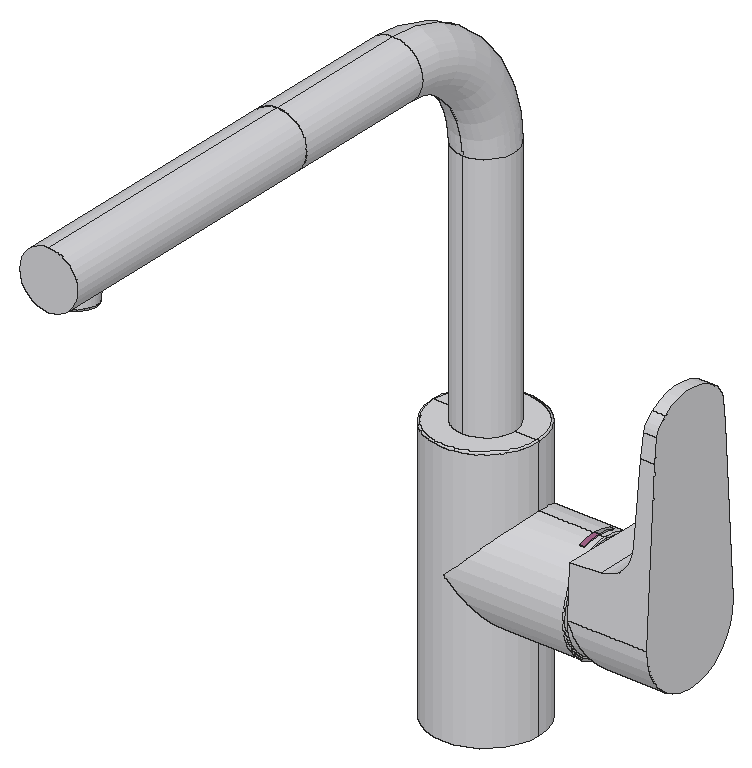
Revit family "Faucet-Kitchen-KOHLER-Aleo-K-99175T_1", category Plumbing Fixtures, host Face, Revit 2021
Family settings
  Host = Face
  Round Connector Dimension = Use Diameter
  Part Type = Normal
  OmniClass Number = 23.31.11.00
  OmniClass Title = Faucets
  Cut with Voids When Loaded = No
  Shared = No
  Room Calculation Point = No
Parameters (values of type "2.2 GPM, CP-Polished Chrome")
  Width = 1 13/16"  # constant formula
  WaterSense Certified = 1 = 0  # no
  Waste Water Outlet = "Waste Water Outlet"  # constant formula
  Waste Connection = 1 = 0  # no
  Vent Connection = 1 = 0  # no
  URL = "http://www.kohler.com.cn/"
  Type = 1
  Spout Reach = 8 179/256"  # constant formula
  Product Page URL = "https://www.kohler.com.cn/product/K-99175T-4-CP/K-99175T-4-CP/"
  Product Name = "Aleo"  # constant formula
  Product Documentation Link = "https://files.kohler.com.cn/pdfs/1474614101871_99175t.pdf"
  Pressure = 60.00 psi  # constant formula
  Model = if(Type = 1, "K-99175T-4-CP", if(Type = 2, "K-99175T-4-VS", if(Type = 3, "K-99175T-4E-2MB", if(Type = 4, "K-99175T-4E-BL", if(Type = 5, "K-99175T-4E-CP", if(Type = 6, "K-99175T-4E-VS", "NA"))))))  # "K-99175T-4-CP"
  Material = "Premium Metal Construction"  # constant formula
  Master Format 2014 Name = "Residential Faucets, Supplies, and Trim"  # constant formula
  Master Format 2014 = "22 41 39"  # constant formula
  Manufacturer Address = "Kohler Beijing Office (100016) 36-2-03-B, No. 88, Liuxiang Road, Beijing"  # constant formula
  Manufacturer = "Kohler Co."  # constant formula
  Length = Spout Reach  # 8 179/256"
  Hot Water Inlet = "Hot Water Inlet"  # constant formula
  Height = 11 41/256"  # constant formula
  Handle Clearance = 3 159/256"  # constant formula
  HW Connection = 1 = 1  # yes
  Flow Rate = if(or(Type = 1, Type = 2), 2.2 GPM, 1.75 GPM)  # 2.2 GPM
  Finish = Kohler-Metal-CP-Polished_Chrome
  Environmental Product Declaration = ""
  Drain Included = 1 = 0  # no
  Description = "Pull-Out Kitchen Faucet"  # constant formula
  Default Elevation = 36"
  Declare Label = ""
  Date Modified = "01/10/2023"  # constant formula
  Date Created = "09/28/2020"  # constant formula
  Copyright = "Copyright Kohler Co."  # constant formula
  Contact Us = "http://www.kohler.com.cn/contact/contact-us/"
  Cold Water Inlet = "Cold Water Inlet"  # constant formula
  CW Connection = 1 = 1  # yes
  Assembly Code = "D2010"
  ADA Compliant = 1 = 0  # no
Types (7): name | Type | Product Page URL | Product Documentation Link | Model | Flow Rate | Finish
  (no name) | 1 | "https://www.kohler.com.cn/product/K-99175T-4-CP/K-99175T-4-CP/" | "https://files.kohler.com.cn/pdfs/1474614101871_99175t.pdf" | "K-99175T-4-CP" | 2.2 GPM | Kohler-Metal-CP-Polished_Chrome
  2.2 GPM, CP-Polished Chrome | 1 | "https://www.kohler.com.cn/product/K-99175T-4-CP/K-99175T-4-CP/" | "https://files.kohler.com.cn/pdfs/1474614101871_99175t.pdf" | "K-99175T-4-CP" | 2.2 GPM | Kohler-Metal-CP-Polished_Chrome
  2.2 GPM, VS-Vibrant Stainless | 2 | "" | "https://files.kohler.com.cn/pdfs/1474614101871_99175t.pdf" | "K-99175T-4-VS" | 2.2 GPM | Kohler-Metal-VS-Vibrant_Stainless
  1.75 GPM, 2MB-Vibrant Brushed Moderne Brass | 3 | "" | "" | "K-99175T-4E-2MB" | 1.75 GPM | Kohler-Metal-2MB-Vibrant_Brushed_Moderne_Brass
  1.75 GPM, BL-Matte Black | 4 | "" | "" | "K-99175T-4E-BL" | 1.75 GPM | Kohler-Metal-BL-Matte_Black
  1.75 GPM, CP-Polished Chrome | 5 | "" | "" | "K-99175T-4E-CP" | 1.75 GPM | Kohler-Metal-CP-Polished_Chrome
  1.75 GPM, VS-Vibrant Stainless | 6 | "" | "" | "K-99175T-4E-VS" | 1.75 GPM | Kohler-Metal-VS-Vibrant_Stainless
Reference planes (in)
  plane 1 "Center (Front/Back)": y = 0
  plane 2: z = 0
  plane 3 "Center (Left/Right)": x = 0
  plane 4: y = -0.90551
  plane 5: y = 0.90551
  plane 6: x = -0.90551
  plane 7: x = 0.90699
  plane 8: y = -9.25197
  plane 9: x = 3.46457
  plane 10: x = 0.49213
  plane 11: x = -0.49213
  plane 12: z = 6.14078
  plane 13: z = 4.48819
  plane 14: z = 2.51969
  plane 15: z = 10.17717
  plane 16: z = 10.66929
  plane 17: y = -8.69922
  plane 18: x = -0.3937
  plane 19: x = 0.3937
  plane 20: z = 11.16016
  plane 21: z = 3.42513
  plane 22: z = 1.61424
  plane 23: y = -4.40945
  plane 24: z = 10.13377
Dimensions and locks (in)
  "Width": plane 6 to plane 7
  "Spout Reach": plane 17 to plane 1 "Center (Front/Back)"
  "Height": plane 20 to level
  "Length": plane 17 to plane 1 "Center (Front/Back)"
  "Handle Clearance": plane 12 to plane 14
  plane 13 to level = 4.48819"
  plane 14 to level = 2.51969"
  plane 12 to level = 6.14078"
  plane 9 to plane 3 "Center (Left/Right)" = 3.46457"
  plane 11 to plane 10 = 0.98425"
  plane 20 to plane 15 = 0.98299"
  plane 1 "Center (Front/Back)" to plane 8 = 9.25197"
  plane 23 to plane 8 = 4.84252"
  level to plane 16 = 10.66929"
  plane 24 to level = 10.13377"
  aligned and locked: plane 2 to host face
  aligned and locked: level to host face
Automatic sketch dimensions
  host sketch curve to host sketch curve = 96"  (x2)
Nested families (in)
  nested 1: "K-99175T" at (-0.00028, 0, 0), type "K-99175T"
Connectors (in)
  piping at (-0.39398, 0, 0), diameter 0.5, driven by "Flow Rate", driven by "HW Connection", driven by "Hot Water Inlet", driven by "Pressure"
    settings: on nested 1, index 1, connector inside diameter 24", connector length 0", flow factor 0, pipe flow 2.2 GPM, pressure drop 60.00 psi, fitting loss kfactor 0, connector angle 0.00°, fixture units 0, engagement length 0", angle of deflection 0.00°, flow configuration 1, flow direction 1, fitting loss method 4, system type 19, joint type 0, gender type 0, connector reference index -1, connector utility 1, adjustable connector no, is connector primary yes, connector description "Hot Water Inlet"
  piping at (0.39342, 0, 0), diameter 0.5, driven by "Flow Rate", driven by "CW Connection", driven by "Cold Water Inlet", driven by "Pressure"
    settings: on nested 1, index 2, connector inside diameter 24", connector length 0", flow factor 0, pipe flow 2.2 GPM, pressure drop 60.00 psi, fitting loss kfactor 0, connector angle 0.00°, fixture units 0, engagement length 0", angle of deflection 0.00°, flow configuration 1, flow direction 1, fitting loss method 4, system type 20, joint type 0, gender type 0, connector reference index -1, connector utility 1, adjustable connector no, is connector primary no, connector description "Cold Water Inlet"
Definition of nested family "K-99175T"
  Parameters
    Material = none
    Default Elevation = 0"
  Reference planes (in)
    plane 1 "Center (Front/Back)": y = 0
    plane 2: z = 0
    plane 3 "Center (Left/Right)": x = 0
    plane 4: y = -0.90551
    plane 5: y = 0.90551
    plane 6: z = 10.66929
    plane 7: y = -9.25197
    plane 8: y = -8.70079
    plane 9: z = 10.17717
    plane 10: z = 11.16142
    plane 11: x = 0.90551
    plane 12: x = -0.90551
    plane 13: z = 6.14173
    plane 14: z = 2.51969
    plane 15: x = -0.3937
    plane 16: x = 0.3937
    plane 17: x = 3.46457
    plane 18: z = 4.48819
    plane 19: x = 0.49213
    plane 20: x = -0.49213
    plane 21: y = -4.40945
  Forms (in)
    Revolve 1, solid, material <- "Material", detail levels medium+fine
      sketch origin (0, 0, 0) x (1, 0, 0) y (0, 0, 1)
        loop
          line (0, 0) -> (0, 4.48819) -> (-0.877, 4.48819)
          arc (-0.877, 4.48819) -> (-0.89578, 4.48041) -> (-0.90356, 4.46163) r 0.02656
          line (-0.90356, 4.46163) -> (-0.90356, 0) -> (0, 0)
        axis (0, 4.48819) -> (0, 0)
      angle from 0 to 360
    Sweep 2, solid, material <- "Material", detail levels medium+fine
      path origin (0, 0, 0) x (0, 1, 0) y (0, 0, 1)
        loop
          line (-9.25197, 10.66929) -> (-4.40945, 10.66929)
      profile origin (0, -6.83071, 10.66929) x (0, 0, 1) y (1, 0, 0)
        loop
          circle (0, 0) r 0.49213
    Revolve 3, solid, material <- "Material", detail levels medium+fine
      sketch origin (0, 0, 0) x (1, 0, 0) y (0, 0, 1)
        loop
          line (2.59134, 2.51969) -> (2.59134, 2.95287)
          arc (2.59134, 2.95287) -> (2.37229, 3.22919) -> (2.04724, 3.36584) r 0.70914
          line (2.04724, 3.36584) -> (2.04724, 3.40024)
          arc (2.04724, 3.40024) -> (2.04117, 3.41491) -> (2.02649, 3.42099) r 0.02075
          line (2.02649, 3.42099) -> (-0.00009, 3.42099) -> (-0.00009, 2.51969) -> (2.59134, 2.51969)
        axis (-0.00009, 2.51969) -> (2.59134, 2.51969)
      angle from 0 to 360
    Extrusion 4, solid, material <- "Material", detail levels medium+fine
      sketch origin (0, 0, 0) x (1, 0, 0) y (0, 0, 1)
        loop
          line (2.1131, 2.55661) -> (2.65445, 1.4161) -> (3.44322, 1.4161)
          arc (3.44322, 1.4161) -> (3.45832, 1.42235) -> (3.46457, 1.43744) r 0.02134
          line (3.46457, 1.43744) -> (3.46457, 6.2885)
          arc (3.46457, 6.2885) -> (3.35508, 6.25233) -> (3.25488, 6.19528) r 0.58189
          line (3.25488, 6.19528) -> (3.17925, 4.02956)
          arc (3.17925, 4.02956) -> (3.01387, 3.63994) -> (2.63025, 3.46106) r 0.59055
          line (2.63025, 3.46106) -> (2.1131, 3.4249) -> (2.1131, 2.55661)
      from -1.72461 to 1.8964
    Revolve 5, solid, material <- "Material", detail levels medium+fine
      sketch origin (0, 0, 0) x (0, 1, 0) y (0, 0, 1)
        loop
          line (-9.0415, 10.16269) -> (-8.98001, 10.15731)
          arc (-8.98001, 10.15731) -> (-8.96163, 10.16311) -> (-8.95273, 10.18021) r 0.02519
          line (-8.95273, 10.18021) -> (-8.94783, 10.23623) -> (-8.70698, 10.21516) -> (-8.67993, 10.52429) -> (-9.03206, 10.55509) -> (-9.06404, 10.18955)
          arc (-9.06404, 10.18955) -> (-9.05834, 10.17145) -> (-9.0415, 10.16269) r 0.02479
        axis (-8.67993, 10.52429) -> (-8.71407, 10.13405)
      angle from 0 to 360
    Extrusion 6, void
      sketch origin (0, 0, 0) x (0, 1, 0) y (0, 0, 1)
        loop
          line (0.90521, 2.57468) -> (0.74771, 5.34731)
          arc (0.74771, 5.34731) -> (0.72934, 5.53724) -> (0.696, 5.72512) r 2.40836
          arc (0.696, 5.72512) -> (0.64734, 5.85546) -> (0.5641, 5.96693) r 0.49126
          arc (0.5641, 5.96693) -> (0.02711, 6.16468) -> (-0.51944, 5.99511) r 0.89119
          arc (-0.51944, 5.99511) -> (-0.63256, 5.87636) -> (-0.696, 5.72512) r 0.45314
          arc (-0.696, 5.72512) -> (-0.72934, 5.53724) -> (-0.74771, 5.34731) r 2.40836
          line (-0.74771, 5.34731) -> (-0.90521, 2.57468)
          arc (-0.90521, 2.57468) -> (0, 1.61659) -> (0.90521, 2.57468) r 0.90667
        loop
          line (-3.07128, 7.58169) -> (-3.07128, 0.88878) -> (2.44054, 0.88878) -> (2.44054, 7.58169) -> (-3.07128, 7.58169)
      from 2.04724 to 5.81188
    Extrusion 7, void
      sketch origin (0, 0, 0) x (1, 0, 0) y (0, 1, 0)
        loop
          circle (0, -4.40945) r 0.14147
        loop
          circle (0, -3.87783) r 0.1378
      from 10.05382 to 10.32389
    Extrusion 8, solid, material <- "Material", detail levels medium+fine
      sketch origin (0, 0, 0) x (1, 0, 0) y (0, 1, 0)
        loop
          circle (-0.3937, 0) r 0.25
        loop
          circle (0.3937, 0) r 0.25
      from 0 to 0.04437
    Revolve 9, solid, detail levels medium+fine
      sketch origin (0, 0, 0) x (0, 1, 0) y (0, 0, 1)
        loop
          line (0.9252, 3.95669) -> (0.9252, 4.14173)
          arc (0.9252, 4.14173) -> (0.9137, 4.16795) -> (0.88662, 4.17725) r 0.03564
          arc (0.88662, 4.17725) -> (0.8587, 4.06861) -> (0.85111, 3.95669) r 0.61103
          line (0.85111, 3.95669) -> (0.9252, 3.95669)
        axis (0.85111, 3.95669) -> (0.9252, 3.95669)
      angle from 0 to 360
    Revolve 10, solid, material <- "Material", detail levels coarse
      sketch origin (0, 0, 0) x (1, 0, 0) y (0, 0, 1)
        loop
          line (0, 0) -> (0, 4.48819) -> (-0.92114, 4.48819) -> (-0.92114, 0) -> (0, 0)
        axis (0, 4.48819) -> (0, 0)
      angle from 0 to 360
    Revolve 11, solid, material <- "Material", detail levels coarse
      sketch origin (0, 0, 0) x (1, 0, 0) y (0, 0, 1)
        loop
          line (3.30689, 2.51969) -> (3.30689, 3.4249) -> (-0.00009, 3.4249) -> (-0.00009, 2.51969) -> (3.30689, 2.51969)
        axis (-0.00009, 2.51969) -> (3.30689, 2.51969)
      angle from 0 to 360
    Extrusion 12, solid, material <- "Material", detail levels coarse
      sketch origin (0, 0, 0) x (1, 0, 0) y (0, 0, 1)
        loop
          line (3.46457, 1.61551) -> (3.46457, 6.2885)
          arc (3.46457, 6.2885) -> (3.35508, 6.25233) -> (3.25488, 6.19528) r 0.58189
          line (3.25488, 6.19528) -> (3.09495, 1.61551) -> (3.46457, 1.61551)
      from -1.72461 to 1.8964
    Extrusion 13, solid, detail levels medium+fine
      sketch origin (0, 0, 0) x (1, 0, 0) y (0, 1, 0)
        loop
          line (1.85039, 0.31496) -> (1.85039, 0) -> (1.92913, 0) -> (1.92913, 0.31496) -> (1.85039, 0.31496)
      from 3.34646 to 3.46457
    Extrusion 14, solid, detail levels medium+fine
      sketch origin (0, 0, 0) x (1, 0, 0) y (0, 1, 0)
        loop
          line (1.85039, -0.31496) -> (1.92913, -0.31496) -> (1.92913, 0) -> (1.85039, 0) -> (1.85039, -0.31496)
      from 3.34646 to 3.46457
    Extrusion 15, void
      sketch origin (0, 0, 0) x (0, 1, 0) y (0, 0, 1)
        loop
          arc (-0.42898, 3.32126) -> (0, 3.42883) -> (0.42898, 3.32126) r 0.90915
          line (0.42898, 3.32126) -> (0.42898, 3.50056) -> (-0.42898, 3.50056) -> (-0.42898, 3.32126)
      from 1.8385 to 1.94386
    Sweep 16, solid, material <- "Material", detail levels coarse
      path origin (0, 0, 0) x (0, 1, 0) y (0, 0, 1)
        loop
          line (0, 4.48819) -> (0, 8.71381)
          arc (0, 8.71381) -> (-0.57275, 10.09654) -> (-1.95549, 10.66929) r 1.95549
          line (-1.95549, 10.66929) -> (-9.25197, 10.66929)
      profile origin (0, 0, 6.601) x (0, -1, 0) y (1, 0, 0)
        loop
          circle (0, 0) r 0.49213
    Sweep 17, solid, material <- "Material", detail levels medium+fine
      path origin (0, 0, 0) x (0, 1, 0) y (0, 0, 1)
        loop
          line (0, 4.48819) -> (0, 8.71381)
          arc (0, 8.71381) -> (-0.57275, 10.09654) -> (-1.95549, 10.66929) r 1.95549
          line (-1.95549, 10.66929) -> (-4.40945, 10.66929)
      profile origin (0, 0, 6.601) x (0, -1, 0) y (1, 0, 0)
        loop
          circle (0, 0) r 0.49213
    Extrusion 18, void
      sketch origin (0, 0, 0) x (1, 0, 0) y (0, 1, 0)
        loop
          circle (0, -6.10227) r 0.11024
        loop
          circle (0, -8.70698) r 0.26006
      from 10.05056 to 10.32389
  Cuts and joins
    Extrusion 6 cuts Extrusion 4
    Extrusion 7 cuts Sweep 17
    joined: Revolve 1, Revolve 3, Extrusion 4, Sweep 17
    Extrusion 6, Extrusion 7, Extrusion 18 cuts Sweep 2
    Extrusion 6 cuts Extrusion 12
    joined: Revolve 10, Extrusion 12, Sweep 16
    Extrusion 15 cuts Extrusion 14
    Extrusion 15 cuts Extrusion 13
  Lines and regions (in)
    Masking region 1
      outline origin (0, 0, 0) x (1, 0, 0) y (0, 1, 0)
        loop
          arc (0, -9.25197) -> (0.23041, -9.23936) -> (0.45919, -9.20923) r 3.02755
          arc (0.45919, -9.20923) -> (0.48279, -9.19574) -> (0.49213, -9.1702) r 0.0396
          line (0.49213, -9.1702) -> (0.49213, -4.42921)
          arc (0.49213, -4.42921) -> (0.48634, -4.41524) -> (0.47236, -4.40945) r 0.01977
          arc (0.47236, -4.40945) -> (0.48634, -4.40366) -> (0.49213, -4.38968) r 0.01977
          line (0.49213, -4.38968) -> (0.49213, -0.90551) -> (2.02031, -0.90551)
          arc (2.02031, -0.90551) -> (2.03935, -0.89762) -> (2.04724, -0.87857) r 0.02694
          line (2.04724, -0.87857) -> (2.04724, -0.8466) -> (2.1131, -0.83851) -> (2.1131, -0.90606) -> (3.44341, -0.90606)
          arc (3.44341, -0.90606) -> (3.45837, -0.89986) -> (3.46457, -0.88489) r 0.02116
          line (3.46457, -0.88489) -> (3.46457, 0.88489)
          arc (3.46457, 0.88489) -> (3.45837, 0.89986) -> (3.44341, 0.90606) r 0.02116
          line (3.44341, 0.90606) -> (2.1131, 0.90606) -> (2.1131, 0.83851) -> (2.04724, 0.8466) -> (2.04724, 0.87857)
          arc (2.04724, 0.87857) -> (2.03935, 0.89762) -> (2.02031, 0.90551) r 0.02694
          line (2.02031, 0.90551) -> (0.21434, 0.90551)
          arc (0.21434, 0.90551) -> (0.20269, 0.91982) -> (0.18504, 0.9252) r 0.03165
          line (0.18504, 0.9252) -> (-0.18504, 0.9252)
          arc (-0.18504, 0.9252) -> (-0.21303, 0.91049) -> (-0.21681, 0.8791) r 0.034
          arc (-0.21681, 0.8791) -> (-0.893, 0.14997) -> (-0.49213, -0.76006) r 0.90542
          line (-0.49213, -0.76006) -> (-0.49213, -4.38968)
          arc (-0.49213, -4.38968) -> (-0.48634, -4.40366) -> (-0.47236, -4.40945) r 0.01977
          arc (-0.47236, -4.40945) -> (-0.48634, -4.41524) -> (-0.49213, -4.42921) r 0.01977
          line (-0.49213, -4.42921) -> (-0.49213, -9.1702)
          arc (-0.49213, -9.1702) -> (-0.48279, -9.19574) -> (-0.45919, -9.20923) r 0.0396
          arc (-0.45919, -9.20923) -> (-0.23041, -9.23936) -> (0, -9.25197) r 3.02755
    Masking region 2
      outline origin (0, 0, 0) x (1, 0, 0) y (0, 0, 1)
        loop
          line (0.90551, 0) -> (0.90551, 1.35095)
          arc (0.90551, 1.35095) -> (0.98261, 1.53708) -> (1.16874, 1.61417) r 0.26322
          line (1.16874, 1.61417) -> (2.02086, 1.61417)
          arc (2.02086, 1.61417) -> (2.03952, 1.6219) -> (2.04724, 1.64056) r 0.02638
          line (2.04724, 1.64056) -> (2.04724, 1.67339)
          arc (2.04724, 1.67339) -> (2.26299, 1.71452) -> (2.46301, 1.80522) r 0.92761
          line (2.46301, 1.80522) -> (2.5521, 1.61417) -> (3.43682, 1.61417)
          arc (3.43682, 1.61417) -> (3.45644, 1.6223) -> (3.46457, 1.64192) r 0.02774
          line (3.46457, 1.64192) -> (3.46457, 6.14173)
          arc (3.46457, 6.14173) -> (3.41714, 6.12369) -> (3.37781, 6.09164) r 0.1591
          arc (3.37781, 6.09164) -> (3.30791, 5.98926) -> (3.26617, 5.87253) r 0.48616
          arc (3.26617, 5.87253) -> (3.22499, 5.66187) -> (3.21398, 5.4475) r 1.51575
          arc (3.21398, 5.4475) -> (3.20818, 4.88354) -> (3.18958, 4.31984) r 24.86208
          arc (3.18958, 4.31984) -> (3.16444, 4.06082) -> (3.11233, 3.80586) r 2.48269
          arc (3.11233, 3.80586) -> (2.94692, 3.56657) -> (2.67847, 3.45453) r 0.51681
          arc (2.67847, 3.45453) -> (2.39621, 3.43155) -> (2.1131, 3.4249) r 4.90458
          line (2.1131, 3.4249) -> (2.1131, 3.35892) -> (2.04724, 3.36584) -> (2.04724, 3.39785)
          arc (2.04724, 3.39785) -> (2.03932, 3.41697) -> (2.0202, 3.4249) r 0.02704
          line (2.0202, 3.4249) -> (1.18517, 3.4249)
          arc (1.18517, 3.4249) -> (0.98742, 3.5068) -> (0.90551, 3.70455) r 0.27965
          line (0.90551, 3.70455) -> (0.90551, 4.46176)
          arc (0.90551, 4.46176) -> (0.89777, 4.48045) -> (0.87908, 4.48819) r 0.02643
          line (0.87908, 4.48819) -> (0.49213, 4.48819) -> (0.49213, 10.66929)
          arc (0.49213, 10.66929) -> (0.34799, 11.01728) -> (0, 11.16142) r 0.49213
          arc (0, 11.16142) -> (-0.34799, 11.01728) -> (-0.49213, 10.66929) r 0.49213
          line (-0.49213, 10.66929) -> (-0.49213, 4.48819) -> (-0.87908, 4.48819)
          arc (-0.87908, 4.48819) -> (-0.89777, 4.48045) -> (-0.90551, 4.46176) r 0.02643
          line (-0.90551, 4.46176) -> (-0.90551, 0) -> (0.90551, 0)
    Masking region 3
      outline origin (0, 0, 0) x (0, 1, 0) y (0, 0, 1)
        loop
          line (0.90551, 0) -> (0.90551, 3.73992)
          arc (0.90551, 3.73992) -> (0.91988, 3.75298) -> (0.9252, 3.77165) r 0.03542
          line (0.9252, 3.77165) -> (0.9252, 4.14173)
          arc (0.9252, 4.14173) -> (0.91976, 4.15859) -> (0.90551, 4.16911) r 0.02888
          line (0.90551, 4.16911) -> (0.90551, 4.46015)
          arc (0.90551, 4.46015) -> (0.8973, 4.47998) -> (0.87747, 4.48819) r 0.02804
          line (0.87747, 4.48819) -> (0.80222, 4.48819) -> (0.77747, 4.96054)
          arc (0.77747, 4.96054) -> (0.76058, 5.23103) -> (0.73827, 5.50112) r 13.53598
          arc (0.73827, 5.50112) -> (0.71086, 5.66871) -> (0.66042, 5.83086) r 1.21873
          arc (0.66042, 5.83086) -> (0.59021, 5.93853) -> (0.49202, 6.02147) r 0.4425
          line (0.49202, 6.02147) -> (0.49202, 8.6929)
          arc (0.49202, 8.6929) -> (-0.23099, 10.4384) -> (-1.9765, 11.16142) r 2.46852
          line (-1.9765, 11.16142) -> (-9.18142, 11.16142)
          arc (-9.18142, 11.16142) -> (-9.20721, 11.15186) -> (-9.22054, 11.1278) r 0.03957
          arc (-9.22054, 11.1278) -> (-9.24572, 10.89919) -> (-9.25197, 10.66929) r 2.78853
          arc (-9.25197, 10.66929) -> (-9.24572, 10.43939) -> (-9.22054, 10.21078) r 2.78853
          arc (-9.22054, 10.21078) -> (-9.20721, 10.18672) -> (-9.18142, 10.17717) r 0.03957
          line (-9.18142, 10.17717) -> (-9.07412, 10.17717)
          arc (-9.07412, 10.17717) -> (-9.06069, 10.1695) -> (-9.04659, 10.16314) r 0.16456
          line (-9.04659, 10.16314) -> (-8.38522, 10.10527)
          arc (-8.38522, 10.10527) -> (-8.36994, 10.11009) -> (-8.36255, 10.12429) r 0.02092
          line (-8.36255, 10.12429) -> (-8.35792, 10.17717) -> (-1.97629, 10.17717)
          arc (-1.97629, 10.17717) -> (-0.92675, 9.74243) -> (-0.49202, 8.6929) r 1.48427
          line (-0.49202, 8.6929) -> (-0.49202, 6.02147)
          arc (-0.49202, 6.02147) -> (-0.59021, 5.93853) -> (-0.66042, 5.83086) r 0.4425
          arc (-0.66042, 5.83086) -> (-0.71086, 5.66871) -> (-0.73827, 5.50112) r 1.21873
          arc (-0.73827, 5.50112) -> (-0.76058, 5.23103) -> (-0.77747, 4.96054) r 13.53598
          line (-0.77747, 4.96054) -> (-0.80222, 4.48819) -> (-0.87747, 4.48819)
          arc (-0.87747, 4.48819) -> (-0.8973, 4.47998) -> (-0.90551, 4.46015) r 0.02804
          line (-0.90551, 4.46015) -> (-0.90551, 0) -> (0.90551, 0)
    symbolic lines, detail levels medium+fine
      curve 1: line (0.21434, 0.90551, 0) -> (-0.00009, 0.90551, 0)
      curve 2: arc (-0.00009, 0.90551, 0) -> (-0.10925, 0.89888, 0) -> (-0.21681, 0.8791, 0) r 0.90239
      curve 3: line (2.04724, 0.84616, 0) -> (2.04724, -0.84616, 0)
      curve 4: line (2.1131, -0.83851, 0) -> (2.1131, 0.83851, 0)
      curve 5: line (-0.49213, -9.1702, 0) -> (0.49213, -9.1702, 0)
      curve 6: line (-0.47236, -4.40945, 0) -> (0.47236, -4.40945, 0)
      curve 7: arc (0.00009, 0.90542, 0) -> (0.86822, 0.25655, 0) -> (0.49213, -0.75994, 0) r 0.90542
      curve 8: arc (0.49213, -0.72649, 0) -> (-0.0002, 0.87753, 0) -> (-0.49213, -0.72661, 0) r 0.87753
      curve 9: arc (3.39295, 0.73725, 0) -> (3.33829, 0.6855, 0) -> (3.30836, 0.61644, 0) r 0.18764
      curve 10: arc (3.30836, 0.61644, 0) -> (3.22683, 0.3134, 0) -> (3.21073, 0, 0) r 1.48641
      curve 11: arc (3.07769, 0.90551, 0) -> (3.22007, 0.89228, 0) -> (3.35958, 0.86086, 0) r 1.11047
      curve 12: arc (3.35958, 0.86086, 0) -> (3.39016, 0.80281, 0) -> (3.39295, 0.73725, 0) r 0.14961
      curve 13: arc (3.39295, 0.73725, 0) -> (3.40494, 0.36872, 0) -> (3.40253, 0, 0) r 9.43409
      curve 14: arc (3.39295, -0.73725, 0) -> (3.33829, -0.6855, 0) -> (3.30836, -0.61644, 0) r 0.18764
      curve 15: arc (3.30836, -0.61644, 0) -> (3.22683, -0.3134, 0) -> (3.21073, 0, 0) r 1.48641
      curve 16: arc (3.07769, -0.90551, 0) -> (3.22007, -0.89228, 0) -> (3.35958, -0.86086, 0) r 1.11047
      curve 17: arc (3.35958, -0.86086, 0) -> (3.39016, -0.80281, 0) -> (3.39295, -0.73725, 0) r 0.14961
      curve 18: arc (3.39295, -0.73725, 0) -> (3.40494, -0.36872, 0) -> (3.40253, 0, 0) r 9.43409
      curve 19: arc (2.85285, 0, 0) -> (2.84915, 0.45316, 0) -> (2.87645, 0.90551, 0) r 6.6197
      curve 20: arc (2.85285, 0, 0) -> (2.84915, -0.45316, 0) -> (2.87645, -0.90551, 0) r 6.6197
      curve 21: arc (0.49213, 0, 0) -> (0, 0.49213, 0) -> (-0.49213, 0, 0) r 0.49213
      curve 22: line (0.49213, -0.90551, 0) -> (0.49213, 0, 0)
      curve 23: line (-0.49213, -0.90551, 0) -> (-0.49213, 0, 0)
      curve 24: line (-0.49213, 0, 4.48819) -> (0.49213, 0, 4.48819)
      curve 25: line (2.04724, 0, 3.36584) -> (2.04724, 0, 1.67339)
      curve 26: line (2.46301, 0, 1.80522) -> (2.1131, 0, 2.51969)
      curve 27: line (2.1131, 0, 3.35892) -> (2.1131, 0, 2.51969)
      curve 28: arc (0.49213, 0, 10.66929) -> (0, 0, 10.17717) -> (-0.49213, 0, 10.66929) r 0.49213
      curve 29: line (-0.35274, 0, 10.32612) -> (-0.35274, 0, 10.12802)
      curve 30: line (0.35274, 0, 10.32612) -> (0.35274, 0, 10.12802)
      curve 31: arc (0, 0, 1.2664) -> (0, -0.20743, 1.27422) -> (0, -0.41306, 1.30254) r 2.09316
      curve 32: arc (0, -0.41306, 1.30254) -> (0, -0.49837, 1.32264) -> (0, -0.58153, 1.35031) r 0.97615
      curve 33: arc (0, -0.58153, 1.35031) -> (0, -0.68952, 1.40939) -> (0, -0.77792, 1.49505) r 0.45894
      curve 34: arc (0, -0.77792, 1.49505) -> (0, -0.83833, 1.59606) -> (0, -0.87128, 1.70904) r 0.46229
      curve 35: arc (0, -0.87128, 1.70904) -> (0, -0.89348, 1.88299) -> (0, -0.90551, 2.05795) r 3.00948
      curve 36: arc (0, 0, 1.2664) -> (0, 0.20743, 1.27422) -> (0, 0.41306, 1.30254) r 2.09316
      curve 37: arc (0, 0.41306, 1.30254) -> (0, 0.49837, 1.32264) -> (0, 0.58153, 1.35031) r 0.97615
      curve 38: arc (0, 0.58153, 1.35031) -> (0, 0.68952, 1.40939) -> (0, 0.77792, 1.49505) r 0.45894
      curve 39: arc (0, 0.77792, 1.49505) -> (0, 0.83833, 1.59606) -> (0, 0.87128, 1.70904) r 0.46229
      curve 40: arc (0, 0.87128, 1.70904) -> (0, 0.89348, 1.88299) -> (0, 0.90551, 2.05795) r 3.00948
      curve 41: arc (0, -0.90551, 2.51969) -> (0, 0, 1.61417) -> (0, 0.90551, 2.51969) r 0.90551
      curve 42: line (0, -0.90551, 2.51969) -> (0, -0.80235, 4.48819)
      curve 43: line (0, 0.90551, 2.51969) -> (0, 0.80235, 4.48819)
      curve 44: arc (0, 0.49137, 6.01917) -> (0, -0.00075, 6.14173) -> (0, -0.49288, 6.01917) r 1.04929
      curve 45: line (0, -4.40945, 10.2117) -> (0, -4.40945, 11.16142)
      curve 46: arc (0, -4.56033, 10.17717) -> (0, -4.40942, 10.2117) -> (0, -4.25852, 10.17717) r 0.34696
      curve 47: arc (0, -4.01575, 10.17717) -> (0, -3.87675, 10.20875) -> (0, -3.73775, 10.17717) r 0.3217
      curve 48: arc (0, 0.90551, 4.16911) -> (0, 0.87549, 3.95452) -> (0, 0.90551, 3.73992) r 0.78206
      curve 49: line (3.30791, 0, 5.98926) -> (3.30791, 0, 3.37183)
      curve 50: line (2.1131, 0, 2.55661) -> (2.49269, 0, 2.55661)
      curve 51: arc (2.49269, 0, 2.55661) -> (3.06913, 0, 2.79538) -> (3.30791, 0, 3.37183) r 0.81522
      curve 52: spline (-0.35274, 0, 10.12802) -> (-0.34072, 0, 10.11945) -> (-0.30548, 0, 10.11146) -> (-0.24942, 0, 10.1046) -> (-0.17637, 0, 10.09934) -> (-0.09129, 0, 10.09603) -> (0, 0, 10.0949) -> (0.09129, 0, 10.09603) -> (0.17637, 0, 10.09934) -> (0.24942, 0, 10.1046) -> (0.30548, 0, 10.11146) -> (0.34072, 0, 10.11945) -> (0.35274, 0, 10.12802) -> (0.34072, 0, 10.1366) -> (0.30548, 0, 10.14459) -> (0.24942, 0, 10.15144) -> (0.17637, 0, 10.15671) -> (0.09129, 0, 10.16002) -> (0, 0, 10.16115) -> (-0.09129, 0, 10.16002) -> (-0.17637, 0, 10.15671) -> (-0.24942, 0, 10.15144) -> (-0.30548, 0, 10.14459) -> (-0.34072, 0, 10.1366) -> (-0.35274, 0, 10.12802)
      curve 53: arc (0, -8.35792, 10.17717) -> (0, -8.71602, 10.37676) -> (0, -9.07412, 10.17717) r 0.42104
      curve 54: line (1.85039, 0.31496, 0) -> (1.85039, -0.31496, 0)
      curve 55: line (1.92913, 0.31496, 0) -> (1.85039, 0.31496, 0)
      curve 56: line (1.92913, -0.31496, 0) -> (1.92913, 0.31496, 0)
      curve 57: line (1.85039, -0.31496, 0) -> (1.92913, -0.31496, 0)
      curve 58: line (1.85039, 0, 0) -> (1.92913, 0, 0)
      curve 59: line (1.85039, 0, 3.4249) -> (1.85039, 0, 3.37253)
      curve 60: line (1.92913, 0, 3.37253) -> (1.85039, 0, 3.37253)
      curve 61: line (1.92913, 0, 3.37253) -> (1.92913, 0, 3.4249)
  Dimensions and locks (in)
    plane 7 to curve 6 = 4.84252"
    aligned and locked: level to plane 2
